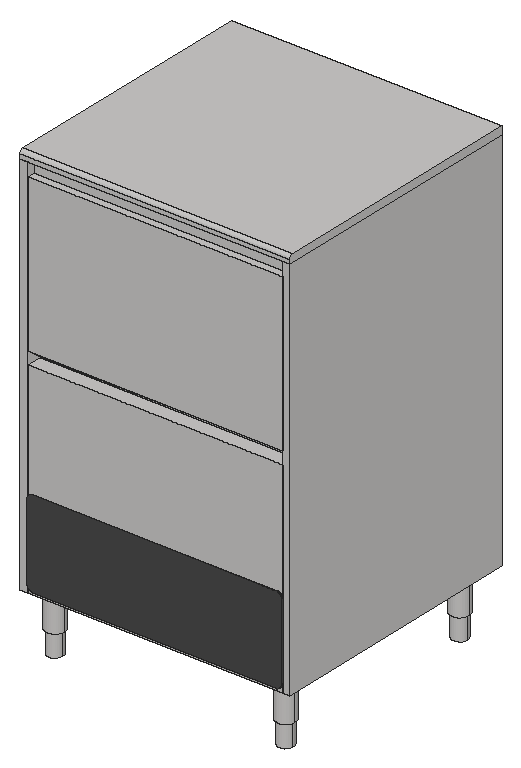
Revit family "QF_ELECTROLUXPROFESSIONAL_730305_ICB112I60SNP", category Attrezzature speciali, Revit 2018
Family settings
  Quota connettore circolare = Usa diametro
  Tipo di parte = Normale
  Basato su piano di lavoro = No
  Sempre verticale = Sì
  Taglio con vuoti quando caricato = No
  Condiviso = No
  Punto di calcolo locali = No
Parameters (values of type "Standard")
  Weight = 81.00 kg
  Watts = 0 W
  Volts = 220 V
  URL Manufacturer = "https://www.electroluxprofessional.com/"
  URL = "https://www.electroluxprofessional.com/"
  Steam Supply Size = 0 mm
  Steam Supply Minimum Pressure = 0.0 Pa
  Steam Supply Maximum Pressure = 0.0 Pa
  Steam Pounds per Hour = 0
  Show Logo [instance] = yes
  Show Clearance [instance] = yes
  Refrigeration Suction Line Size = 0 mm
  Refrigeration Liquid Line Size = 0 mm
  Refrigerant Compressor Remote = yes
  Produttore = "Electrolux Professional"
  Phase = 1
  Modello = "ICB112I60SNP"
  Length Actual = 715 mm  # constant formula
  Item Number = "730305"
  Hot Water Size = 0 mm
  Height Actual = 1149 mm  # constant formula
  HP = "0 HP"
  Gas Size = 0 mm
  Gas KW = 0
  Gas Input Pressure = 0 W
  Descrizione = "AIR COOLED ICE CUBER 22GR 112KG/24H-BIN 60KG"
  Depth Actual = 700 mm  # constant formula
  Cycle = 50 Hz
  Condensate Return Size = 0 mm
  Compressed Air Volume = 0.0 L/s
  Compressed Air Size = 0 mm
  Compressed Air Pressure = 0.0 Pa
  Cold Water Size = 19.05 mm
  Accessory = yes
Reference planes
  plane 1 "Center X": y = 272.851
  plane 2: z = 0
  plane 3 "Center Y": x = -501.5
  plane 4 "LEFT": x = -859
  plane 5 "RIGHT": x = -144
  plane 6 "FRONT": y = -77.649
  plane 7 "BACK": y = 623.351
  plane 8: z = 154
  plane 9: z = 1198
  plane 10: z = 1178
  plane 11: x = -839
  plane 12: x = -164
  plane 13: y = -37.649
Forms (mm)
  Extrusion 1, solid, material "QF_Finishes_Black"
    sketch origin (-217.296, -77.649, 371.513) x (-1, 0, 0) y (0, 0, -1)
      loop
        arc (606.704, -20.487) -> (617.311, -16.093) -> (621.704, -5.487) r 15
        line (621.704, -5.487) -> (621.704, 195.469)
        arc (621.704, 195.469) -> (617.311, 206.075) -> (606.704, 210.469) r 15
        line (606.704, 210.469) -> (-38.296, 210.469)
        arc (-38.296, 210.469) -> (-48.903, 206.075) -> (-53.296, 195.469) r 15
        line (-53.296, 195.469) -> (-53.296, -5.487)
        arc (-53.296, -5.487) -> (-48.903, -16.093) -> (-38.296, -20.487) r 15
        line (-38.296, -20.487) -> (606.704, -20.487)
    from 0 to 2
  Extrusion 2, solid, material "QF_Finishes_Stainless Steel"
    sketch origin (-501.5, 0, 0) x (0, 1, 0) y (0, 0, 1)
      loop
        line (623.351, 1178) -> (623.351, 1198) -> (-67.649, 1198)
        arc (-67.649, 1198) -> (-74.72, 1195.071) -> (-77.649, 1188) r 10
        line (-77.649, 1188) -> (-77.649, 1178) -> (623.351, 1178)
    from -357.5 to 357.5
  Extrusion 3, solid, material "QF_Finishes_Stainless Steel"
    sketch origin (-446.7, 623.351, -284.545) x (1, 0, 0) y (0, 0, -1)
      loop
        circle (233.2, -654.545) r 10
    from 0 to 10
  Extrusion 4, solid, material "QF_Finishes_Stainless Steel"
    sketch origin (0, 0, 0) x (1, 0, 0) y (0, 1, 0)
      loop
        line (-859, 623.351) -> (-859, -77.649) -> (-839, -77.649) -> (-839, 623.351) -> (-859, 623.351)
    from 154 to 1178
  Extrusion 5, solid, material "QF_Finishes_Stainless Steel"
    sketch origin (0, 0, 0) x (1, 0, 0) y (0, 1, 0)
      loop
        line (-164, 623.351) -> (-164, -77.649) -> (-144, -77.649) -> (-144, 623.351) -> (-164, 623.351)
    from 154 to 1178
  Extrusion 6, solid, material "QF_Finishes_Stainless Steel"
    sketch origin (0, 0, 0) x (1, 0, 0) y (0, 1, 0)
      loop
        line (-839, 623.351) -> (-839, -37.649) -> (-164, -37.649) -> (-164, 623.351) -> (-839, 623.351)
    from 154 to 1178
  Extrusion 7, solid, material "QF_Finishes_Stainless Steel"
    sketch origin (0, 0, 0) x (1, 0, 0) y (0, 1, 0)
      loop
        line (-839, -77.649) -> (-164, -77.649) -> (-164, -37.649) -> (-839, -37.649) -> (-839, -77.649)
    from 154 to 695.994
  Extrusion 8, solid, material "QF_Finishes_Stainless Steel"
    sketch origin (-501.5, 0, 0) x (0, 1, 0) y (0, 0, 1)
      loop
        line (-37.649, 1178) -> (-57.649, 1178) -> (-57.649, 1142) -> (-77.649, 1142) -> (-77.649, 728.768) -> (-57.649, 728.768) -> (-57.649, 713.768) -> (-37.649, 713.768) -> (-37.649, 1178)
    from -337.5 to 337.5
  Extrusion 9, solid, material "QF_Finishes_Stainless Steel"
    sketch origin (-428.2, 623.351, -395.545) x (1, 0, 0) y (0, 0, -1)
      loop
        circle (233.2, -654.545) r 10
    from 0 to 10
  Extrusion 10, solid, material "QF_Finishes_Stainless Steel"
    sketch origin (-487.7, 623.351, -316.545) x (1, 0, 0) y (0, 0, -1)
      loop
        circle (233.2, -654.545) r 10
    from 0 to 10
Lines and regions (mm)
  Split face 1
    outline origin (-501.5, -57.649, 1178) x (0, 0, -1) y (1, 0, 0)
      loop
        line (5.715, 214.928) -> (30.715, 214.928) -> (30.715, 254.928) -> (5.715, 254.928) -> (5.715, 214.928)
  symbolic lines
    curve 1: line (-859, 623.351, 0) -> (-144, 623.351, 0)
    curve 2: line (-859, -77.649, 0) -> (-859, 623.351, 0)
    curve 3: line (-144, -77.649, 0) -> (-859, -77.649, 0)
    curve 4: line (-144, 623.351, 0) -> (-144, -77.649, 0)
Dimensions and locks
  equal spacing: plane 4 "LEFT", plane 3 "Center Y", plane 5 "RIGHT"
  plane 4 "LEFT" to plane 5 "RIGHT" = 715 mm
  equal spacing: plane 7 "BACK", plane 1 "Center X", plane 6 "FRONT"
  plane 7 "BACK" to plane 6 "FRONT" = 701 mm
  plane 8 to plane 2 = 154 mm
  plane 9 to plane 8 = 1044 mm
  locked: plane 4 "LEFT" to plane 11 at 20
  locked: plane 12 to plane 5 "RIGHT" at 20
  locked: plane 9 to plane 10 at 20
  locked: plane 13 to plane 6 "FRONT" at 40
  aligned and locked: level to plane 2
  aligned and locked: plane 5 "RIGHT" to Extrusion 2
  aligned and locked: Extrusion 2 to plane 4 "LEFT"
  aligned and locked: Extrusion 4 sketch curve to Extrusion 2  (x2)
  aligned and locked: plane 6 "FRONT" to Extrusion 4 sketch curve
  aligned and locked: Extrusion 4 sketch curve to plane 11
  aligned and locked: Extrusion 5 sketch curve to plane 7 "BACK"
  aligned and locked: plane 12 to Extrusion 5 sketch curve
  aligned and locked: Extrusion 5 sketch curve to Extrusion 2  (x2)
  aligned and locked: plane 10 to Extrusion 4
  aligned and locked: plane 10 to Extrusion 5
  aligned and locked: Extrusion 4 to plane 8
  aligned and locked: Extrusion 5 to plane 8
  aligned and locked: Extrusion 6 sketch curve to Extrusion 4
  aligned and locked: Extrusion 4 to Extrusion 6 sketch curve
  aligned and locked: plane 13 to Extrusion 6 sketch curve
  aligned and locked: Extrusion 6 sketch curve to plane 12
  aligned and locked: plane 10 to Extrusion 6
  aligned and locked: Extrusion 6 to plane 8
  aligned and locked: Extrusion 4 to Extrusion 7 sketch curve
  aligned and locked: Extrusion 7 sketch curve to Extrusion 4
  aligned and locked: plane 13 to Extrusion 7 sketch curve
  aligned and locked: plane 12 to Extrusion 7 sketch curve
  aligned and locked: Extrusion 7 to plane 8
  aligned and locked: plane 12 to Extrusion 8
  aligned and locked: Extrusion 8 to plane 11
Automatic sketch dimensions
  curve 3 to plane 4 "LEFT" = 0 mm
  curve 3 to plane 5 "RIGHT" = 0 mm
  curve 3 to plane 6 "FRONT" = 0 mm
  curve 2 to plane 7 "BACK" = 0 mm
  Extrusion 1 sketch curve to plane 12 = 0 mm
  plane 8 to Extrusion 1 sketch curve = 7.044 mm
  Extrusion 1 sketch curve to Extrusion 1 sketch curve = 15 mm  (x3)
  plane 11 to Extrusion 1 sketch curve = 15 mm  (x2)
  Extrusion 1 sketch curve to Extrusion 1 sketch curve = 200.956 mm
  Extrusion 2 sketch curve to plane 6 "FRONT" = 0 mm
  Extrusion 2 sketch curve to plane 9 = 0 mm
  Extrusion 2 sketch curve to plane 7 "BACK" = 0 mm
  Extrusion 2 sketch curve to plane 10 = 0 mm
  plane 6 "FRONT" to Extrusion 2 sketch curve = 10 mm
  Extrusion 6 to Extrusion 3 sketch curve = 216 mm
  Extrusion 3 sketch curve to Extrusion 6 = 49.5 mm
  Extrusion 8 sketch curve to plane 6 "FRONT" = 0 mm
  Extrusion 8 sketch curve to plane 10 = 0 mm
  Extrusion 8 sketch curve to plane 13 = 0 mm
  plane 6 "FRONT" to Extrusion 8 sketch curve = 20 mm  (x2)
  Extrusion 8 sketch curve to plane 10 = 36 mm
  Extrusion 8 sketch curve to Extrusion 8 sketch curve = 413.232 mm
  Extrusion 8 sketch curve to Extrusion 8 sketch curve = 15 mm
  Split face 1 sketch curve to Extrusion 8 = 5.715 mm
  Extrusion 8 to Split face 1 sketch curve = 5.285 mm
  Split face 1 sketch curve to Extrusion 8 = 122.572 mm
  Split face 1 sketch curve to Split face 1 sketch curve = 40 mm
  Extrusion 9 sketch curve to Extrusion 6 = 31 mm
  Extrusion 6 to Extrusion 9 sketch curve = 105 mm
  Extrusion 10 sketch curve to Extrusion 6 = 90.5 mm
  Extrusion 6 to Extrusion 10 sketch curve = 184 mm
  radius of Extrusion 3 sketch curve = 10 mm
  radius of Extrusion 9 sketch curve = 10 mm
  radius of Extrusion 10 sketch curve = 10 mm
Nested families
  nested 1: "Foot_Complete" at (-807, -26.649, 0), type "Foot_Complete"
  nested 2: "Foot_Complete" at (-196, -26.649, 0) x (-1, 0, 0) z (0, 0, 1), type "Foot_Complete"
  nested 3: "Foot_Complete" at (-807, 550.351, 0), type "Foot_Complete"
  nested 4: "Foot_Complete" at (-196, 550.351, 0) x (-1, 0, 0) z (0, 0, 1), type "Foot_Complete"
Connectors
  electrical at (-195, 633.351, 259), driven by "Volts"
    settings: on Extrusion 9, index 1, voltage 220 V, apparent load 0 VA, apparent load phase1 0 VA, apparent load phase2 0 VA, apparent load phase3 0 VA, power factor 1, load classification "Altro", number of poles 1, system type 30, power factor state 1, is connector primary yes, connector utility no, sub classification motor no, connector description "Electrical Connection"
  piping at (-213.5, 633.351, 370), diameter 20
    settings: on Extrusion 3, index 2, connector inside diameter 609.6 mm, connector length 0 mm, flow factor 0, pipe flow 0.0 L/s, pressure drop 0.0 Pa, fitting loss kfactor 0, connector angle 0.00°, fixture units 0, engagement length 0 mm, angle of deflection 0.00°, flow configuration 0, flow direction 0, fitting loss method 0, system type 20, joint type 0, gender type 0, connector reference index -1, connector utility 0, adjustable connector no, is connector primary yes, connector description "Cold water"
  piping at (-254.5, 633.351, 338), diameter 20
    settings: on Extrusion 10, index 3, connector inside diameter 609.6 mm, connector length 0 mm, flow factor 0, pipe flow 0.0 L/s, pressure drop 0.0 Pa, fitting loss kfactor 0, connector angle 0.00°, fixture units 0, engagement length 0 mm, angle of deflection 0.00°, flow configuration 0, flow direction 0, fitting loss method 0, system type 16, joint type 0, gender type 0, connector reference index -1, connector utility 0, adjustable connector no, is connector primary no, connector description "Drain"
Definition of nested family "Foot_Complete"
  Parameters (values of type "Foot_Complete")
    R = 25 mm
    H = 153 mm
  Reference planes
    plane 1 "Centro (Fronte/Retro)": y = 0
    plane 2: z = 0
    plane 3 "Centro (Sinistra/Destra)": x = 0
    plane 4: z = 153
  Forms (mm)
    Revolve 1, solid
      sketch origin (255.05, 0, 608.09) x (0, 0, 1) y (-1, 0, 0)
        loop
          line (-608.09, 255.05) -> (-608.09, 235.05) -> (-548.09, 235.05) -> (-548.09, 230.05) -> (-455.09, 230.05) -> (-455.09, 255.05) -> (-608.09, 255.05)
        axis (-608.09, 255.05) -> (-455.09, 255.05)
      angle from 0 to 360
  Dimensions and locks
    level to Revolve 1 sketch curve = 60 mm
    "R": Revolve 1 sketch curve to plane 3 "Centro (Sinistra/Destra)"
    "H": plane 4 to level
    aligned and locked: level to plane 2
    aligned and locked: plane 4 to Revolve 1 sketch curve
    aligned and locked: Revolve 1 sketch curve to level
    aligned and locked: plane 3 "Centro (Sinistra/Destra)" to Revolve 1 sketch curve
  Automatic sketch dimensions
    Revolve 1 sketch curve to plane 3 "Centro (Sinistra/Destra)" = 0 mm
    plane 3 "Centro (Sinistra/Destra)" to Revolve 1 sketch curve = 20 mm
    Revolve 1 sketch curve to Revolve 1 sketch curve = 50 mm
    Revolve 1 sketch curve to Revolve 1 sketch curve = 20 mm
